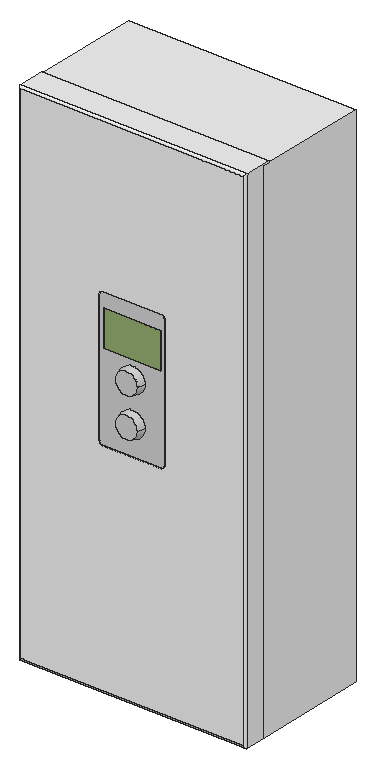
Revit family "Masterwatt Calida Compact", category Mechanical Equipment, Revit 2018
Family settings
  Round Connector Dimension = Use Diameter
  Classification = None
  Part Type = Normal
  OmniClass Number = 23.75.10.11.14
  OmniClass Title = Hot Water Heat Generators
  Work Plane-Based = No
  Always vertical = Yes
  Cut with Voids When Loaded = No
  Shared = No
  Room Calculation Point = No
Parameters (values of type "EKCO.L3_4/6/8 kW")
  Voltage = 230 V
  URL = "https://masterwatt.nl/"
  Model = "EKCO.L3"
  Materiaal_01 = Coating wit
  Hoogte bedieningspaneel = 310 mm
  Hoogte = 716 mm
  Diepte = 191 mm
  Diepte aansluiting = 117 mm
  Watt = 8000 VA
  Copyright = "Masterwatt B.V."  # constant formula
  Art. No. = "300 100 008"
Types (2, lengths in mm): name | Voltage | Watt | Art. No.
  EKCO.L3_4/6/8 kW | 230 V | 8000 VA | "300 100 008"
  EKCO.L3_12/16/20/24 kW | 400 V | 24000 VA | "300 100 024"
Reference planes
  plane 1 "Center (Front/Back)": y = 0
  plane 2: z = 0
  plane 3 "Center (Left/Right)": x = 0
  plane 4: y = -191
  plane 5: y = -161
  plane 6: x = -158
  plane 7: x = 158
  plane 8: z = 716
  plane 9: z = 714
  plane 10: y = -151
  plane 11: y = -74
Forms (mm)
  Extrusion 1, solid, detail levels coarse
    sketch origin (0, 0, 0) x (1, 0, 0) y (0, 1, 0)
      loop
        line (-158, 0) -> (-158, -191) -> (158, -191) -> (158, 0) -> (-158, 0)
    from 0 to 714
  Extrusion 2, void
    sketch origin (0, 0, 0) x (1, 0, 0) y (0, 1, 0)
      loop
        line (-158, -151) -> (-158, -161) -> (158, -161) -> (158, -151) -> (-158, -151)
    from 0 to 714
  Extrusion 3, solid
    sketch origin (0, 0, 0) x (1, 0, 0) y (0, 1, 0)
      loop
        circle (94, -74) r 14
      loop
        circle (-65, -74) r 14
    from -10 to 0
  Extrusion 4, void
    sketch origin (0, 0, 0) x (1, 0, 0) y (0, 0, 1)
      loop
        arc (-41, 501) -> (-44.536, 499.536) -> (-46, 496) r 5
        line (-46, 496) -> (-46, 314)
        arc (-46, 314) -> (-44.536, 310.464) -> (-41, 309) r 5
        line (-41, 309) -> (41, 309)
        arc (41, 309) -> (44.536, 310.464) -> (46, 314) r 5
        line (46, 314) -> (46, 496)
        arc (46, 496) -> (44.536, 499.536) -> (41, 501) r 5
        line (41, 501) -> (-41, 501)
    from 190 to 191
  Extrusion 5, solid, material "Coating wit" <- "Materiaal_01", detail levels medium+fine
    sketch origin (0, 0, 0) x (1, 0, 0) y (0, 1, 0)
      loop
        line (-158, -151) -> (-158, -191) -> (158, -191) -> (158, -151) -> (-158, -151)
    from 0 to 716
  Extrusion 6, solid, material "Coating wit" <- "Materiaal_01", detail levels medium+fine
    sketch origin (0, 0, 0) x (1, 0, 0) y (0, 1, 0)
      loop
        line (-158, 0) -> (-158, -161) -> (158, -161) -> (158, 0) -> (-158, 0)
    from 0 to 714
  Extrusion 7, void
    sketch origin (0, 0, 0) x (1, 0, 0) y (0, 1, 0)
      loop
        arc (158, -188) -> (157.121, -190.121) -> (155, -191) r 3
        line (155, -191) -> (158, -191) -> (158, -188)
      loop
        line (-158, -188) -> (-158, -191) -> (-155, -191)
        arc (-155, -191) -> (-157.121, -190.121) -> (-158, -188) r 3
    from 0 to 716
  Extrusion 8, void
    sketch origin (0, 0, 0) x (0, 1, 0) y (0, 0, 1)
      loop
        line (-188, 716) -> (-191, 716) -> (-191, 713)
        arc (-191, 713) -> (-190.121, 715.121) -> (-188, 716) r 3
      loop
        arc (-188, 0) -> (-190.121, 0.879) -> (-191, 3) r 3
        line (-191, 3) -> (-191, 0) -> (-188, 0)
    from -158 to 158
Cuts and joins
  Extrusion 2, Extrusion 4, Extrusion 7, Extrusion 8 cuts Extrusion 5
Dimensions and locks
  "Hoogte": plane 8 to level
  locked: plane 8 to plane 9 at 2
  plane 5 to plane 1 "Center (Front/Back)" = 161 mm
  plane 4 to plane 5 to plane 10 = 30 mm locked, 10 mm locked
  "Diepte": plane 4 to plane 1 "Center (Front/Back)"
  "Hoogte bedieningspaneel": nested 1 to level
  "Diepte aansluiting": plane 4 to plane 11
  locked: plane 4 to cut or joined group of Extrusion 2, Extrusion 4, Extrusion 5, Extrusion 7, Extrusion 8 at 1
  aligned and locked: level to plane 2
  aligned and locked: plane 1 "Center (Front/Back)" to Extrusion 1 sketch curve
  aligned and locked: Extrusion 1 sketch curve to plane 7
  aligned and locked: plane 6 to Extrusion 1 sketch curve
  aligned and locked: plane 9 to Extrusion 1
  aligned and locked: plane 6 to Extrusion 2 sketch curve
  aligned and locked: Extrusion 2 sketch curve to plane 7
  aligned and locked: plane 10 to Extrusion 2 sketch curve
  aligned and locked: Extrusion 2 sketch curve to plane 5
  aligned and locked: plane 9 to Extrusion 2
  aligned and locked: plane 3 "Center (Left/Right)" to nested 1
  aligned and locked: plane 4 to nested 1
  aligned and locked: level to Extrusion 3
  aligned and locked: plane 11 to Extrusion 3 sketch curve  (x2)
  aligned and locked: plane 4 to Extrusion 4
  aligned and locked: plane 8 to Extrusion 5
  aligned and locked: plane 7 to Extrusion 5
  aligned and locked: Extrusion 5 to plane 10
  aligned and locked: plane 4 to Extrusion 5
  aligned and locked: Extrusion 5 to plane 6
  aligned and locked: plane 7 to Extrusion 6
  aligned and locked: Extrusion 6 to plane 1 "Center (Front/Back)"
  aligned and locked: Extrusion 6 to plane 6
  aligned and locked: plane 5 to Extrusion 6
  aligned and locked: plane 9 to Extrusion 6
  aligned and locked: Extrusion 1 sketch curve to plane 4
  aligned and locked: Extrusion 7 sketch curve to plane 7
  aligned and locked: Extrusion 7 sketch curve to plane 4
  aligned and locked: plane 4 to Extrusion 7 sketch curve
  aligned and locked: Extrusion 7 sketch curve to plane 6
  aligned and locked: plane 8 to Extrusion 7
  aligned and locked: plane 8 to Extrusion 8 sketch curve
  aligned and locked: plane 4 to Extrusion 8 sketch curve  (x2)
  aligned and locked: Extrusion 8 sketch curve to level
  aligned and locked: plane 7 to Extrusion 8
  aligned and locked: Extrusion 8 to plane 6
Automatic sketch dimensions
  plane 6 to Extrusion 3 sketch curve = 93 mm
  Extrusion 3 sketch curve to plane 7 = 64 mm
  Extrusion 4 sketch curve to plane 3 "Center (Left/Right)" = 41 mm
  level to Extrusion 4 sketch curve = 309 mm
  Extrusion 4 sketch curve to Extrusion 4 sketch curve = 5 mm  (x3)
  Extrusion 4 sketch curve to Extrusion 4 sketch curve = 182 mm
  Extrusion 4 sketch curve to Extrusion 4 sketch curve = 0 mm
  plane 3 "Center (Left/Right)" to Extrusion 4 sketch curve = 41 mm
  plane 4 to Extrusion 5 sketch curve = 0 mm
  Extrusion 5 sketch curve to plane 6 = 0 mm
  Extrusion 5 sketch curve to plane 7 = 0 mm
  plane 10 to Extrusion 5 sketch curve = 0 mm
  Extrusion 6 sketch curve to plane 5 = 0 mm
  plane 6 to Extrusion 6 sketch curve = 0 mm
  Extrusion 6 sketch curve to plane 7 = 0 mm
  plane 1 "Center (Front/Back)" to Extrusion 6 sketch curve = 0 mm
  Extrusion 7 sketch curve to plane 6 = 0 mm
  plane 4 to Extrusion 7 sketch curve = 0 mm  (x2)
  Extrusion 7 sketch curve to plane 7 = 0 mm
  Extrusion 7 sketch curve to Extrusion 7 sketch curve = 3 mm  (x2)
  Extrusion 7 sketch curve to Extrusion 7 sketch curve = 0 mm  (x4)
  Extrusion 8 sketch curve to plane 4 = 0 mm  (x2)
  Extrusion 8 sketch curve to plane 8 = 0 mm
  Extrusion 8 sketch curve to plane 9 = 1 mm
  Extrusion 8 sketch curve to plane 4 = 3 mm
  Extrusion 8 sketch curve to Extrusion 8 sketch curve = 3 mm
  Extrusion 8 sketch curve to Extrusion 8 sketch curve = 0 mm  (x4)
  radius of Extrusion 3 sketch curve = 14 mm  (x2)
Nested families
  nested 1: "Boiler paneel" at (0, -181, 310), type "Boiler paneel", detail levels fine
Connectors
  piping at (94, -74, -10), diameter 19
    settings: on Extrusion 3, index 2, connector inside diameter 609.6 mm, connector length 0 mm, flow factor 0, pipe flow 0.0 L/s, pressure drop 0.0 Pa, fitting loss kfactor 0, connector angle 0.00°, fixture units 0, engagement length 0 mm, angle of deflection 0.00°, flow configuration 1, flow direction 2, fitting loss method 0, system type 19, joint type 0, gender type 0, connector reference index -1, connector utility 0, adjustable connector no, is connector primary yes, connector description ""
  piping at (-65, -74, -10), diameter 19
    settings: on Extrusion 3, index 3, connector inside diameter 609.6 mm, connector length 0 mm, flow factor 0, pipe flow 0.0 L/s, pressure drop 0.0 Pa, fitting loss kfactor 0, connector angle 0.00°, fixture units 0, engagement length 0 mm, angle of deflection 0.00°, flow configuration 0, flow direction 1, fitting loss method 0, system type 20, joint type 0, gender type 0, connector reference index -1, connector utility 0, adjustable connector no, is connector primary no, connector description ""
  electrical at (0, 0, 357), driven by "Voltage", driven by "Watt"
    settings: on Extrusion 1, index 4, voltage 230 V, apparent load 8000 VA, apparent load phase1 0 VA, apparent load phase2 0 VA, apparent load phase3 0 VA, power factor 1, load classification "Other", number of poles 1, system type 30, power factor state 1, is connector primary yes, connector utility no, sub classification motor no, connector description ""
Definition of nested family "Boiler paneel"
  Parameters (values of type "Boiler paneel")
    Materiaal knoppen = none
    Materiaal = none
    Hoogte = 190 mm
    Breedte = 90 mm
  Reference planes
    plane 1 "Center (Front/Back)": y = 0
    plane 2: z = 0
    plane 3 "Center (Left/Right)": x = 0
    plane 4: y = -10
    plane 5: x = -45
    plane 6: x = 45
    plane 7: z = 190
    plane 8: y = -20
    plane 9: z = 95
    plane 10: z = 40
  Forms (mm)
    Extrusion 1, solid, material <- "Materiaal"
      sketch origin (0, 0, 0) x (1, 0, 0) y (0, 0, 1)
        loop
          arc (-41, 190) -> (-43.828, 188.828) -> (-45, 186) r 4
          line (-45, 186) -> (-45, 4)
          arc (-45, 4) -> (-43.828, 1.172) -> (-41, 0) r 4
          line (-41, 0) -> (41, 0)
          arc (41, 0) -> (43.828, 1.172) -> (45, 4) r 4
          line (45, 4) -> (45, 186)
          arc (45, 186) -> (43.828, 188.828) -> (41, 190) r 4
          line (41, 190) -> (-41, 190)
        loop
          line (-40, 170.669) -> (-40, 120.669) -> (40, 120.669) -> (40, 170.669) -> (-40, 170.669)
      from 0 to 10
    Blend 2, solid, material <- "Materiaal knoppen"
      base sketch origin (0, 0, 17.569) x (1, 0, 0) y (0, 0, 1)
        loop
          circle (0, 77.431) r 17.5
      top sketch origin (0, 0, 17.569) x (1, 0, 0) y (0, 0, 1)
        loop
          circle (0, 77.431) r 15
      from 10 to 20
    Blend 3, solid, material <- "Materiaal knoppen"
      base sketch origin (0, 0, -37.431) x (1, 0, 0) y (0, 0, 1)
        loop
          circle (0, 77.431) r 17.5
      top sketch origin (0, 0, -37.431) x (1, 0, 0) y (0, 0, 1)
        loop
          circle (0, 77.431) r 15
      from 10 to 20
    Extrusion 4, solid
      sketch origin (0, 0, 0) x (1, 0, 0) y (0, 0, 1)
        loop
          line (-40, 170.669) -> (-40, 120.669) -> (40, 120.669) -> (40, 170.669) -> (-40, 170.669)
      from 0 to 10
  Dimensions and locks
    "Hoogte": plane 7 to level
    "Breedte": plane 6 to plane 5
    equal spacing: plane 6, plane 3 "Center (Left/Right)", plane 5
    locked: plane 4 to plane 1 "Center (Front/Back)" at 10
    locked: plane 8 to plane 4 at 10
    aligned and locked: level to plane 2
    aligned and locked: Extrusion 1 sketch curve to plane 7
    aligned and locked: Extrusion 1 sketch curve to plane 6
    aligned and locked: level to Extrusion 1 sketch curve
    aligned and locked: plane 5 to Extrusion 1 sketch curve
    aligned and locked: Extrusion 1 to plane 1 "Center (Front/Back)"
    aligned and locked: plane 4 to Extrusion 1
    aligned and locked: Blend 2 to plane 4
    aligned and locked: plane 8 to Blend 2
    aligned and locked: plane 8 to Blend 3
    aligned and locked: Blend 3 to plane 4
    aligned and locked: Extrusion 1 to Extrusion 4 sketch curve  (x3)
    aligned and locked: Extrusion 4 sketch curve to Extrusion 1
    aligned and locked: Extrusion 4 to plane 1 "Center (Front/Back)"
    aligned and locked: plane 4 to Extrusion 4
  Automatic sketch dimensions
    plane 5 to Extrusion 1 sketch curve = 4 mm  (x2)
    plane 5 to Extrusion 1 sketch curve = 5 mm
    Extrusion 1 sketch curve to plane 6 = 5 mm
    Extrusion 1 sketch curve to plane 6 = 4 mm  (x2)
    plane 9 to Extrusion 1 sketch curve = 25.669 mm
    Extrusion 1 sketch curve to Extrusion 1 sketch curve = 15.331 mm
    Blend 2 sketch curve to plane 3 "Center (Left/Right)" = 0 mm  (x2)
    Blend 2 sketch curve to plane 9 = 0 mm  (x2)
    Blend 3 sketch curve to plane 3 "Center (Left/Right)" = 0 mm  (x2)
    Blend 3 sketch curve to plane 10 = 0 mm  (x2)
    radius of Blend 2 sketch curve = 17.5 mm
    radius of Blend 2 sketch curve = 15 mm
    radius of Blend 3 sketch curve = 17.5 mm
    radius of Blend 3 sketch curve = 15 mm
